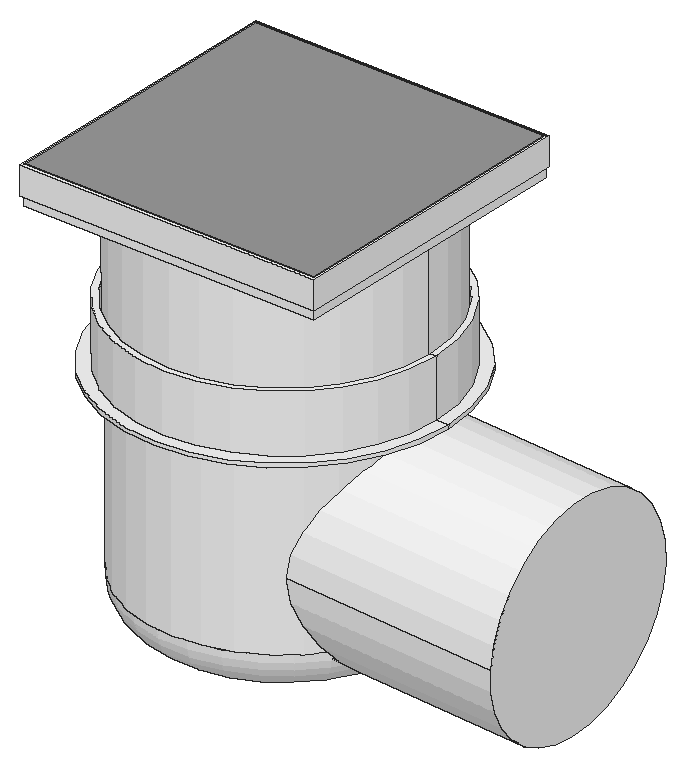
Revit family "HL_RU_Basement drain_HL72N-A-171212", category Instalační zařizovací předměty, Revit 2021
Family settings
  Kóta kulaté spojky = Použít průměr
  Typ dílu = Normální
  Číslo OmniClass = 23.70.50.21.24.14
  Nadpis OmniClass = Deck Waste Water Drains
  Založené na pracovní rovině = Ne
  Vždy vertikální = Ano
  Ořezat dutým tvarem při načtení = Ne
  Sdílené = Ano
  Bod výpočtu místnosti = Ano
Parameters (values of type "HL_Трап для подвалов_HL72N")
  РЕШЁТКА = "138x138 mm/ V2A"
  РАЗМЕР = "DN110"
  ПРОПУСКНАЯ СПОСОБНОСТЬ [instance] = 0.0 L/s
  ПРОИЗВОДИТЕЛЬНОСТЬ = "1,67 l/s"
  ПРАВОВАЯ ИНФОРМАЦИЯ = "\"Авторские права(©), права на дизайн или какие либо другие права интелектуальной собственности являются исключительной собственностью компании HL Hutterer & Lechner. Изменению не подлежит. Файл семейства с данными о прозводителе изделия защищен паролем с водяным знаком.\""
  ПАДЕНИЕ ДАВЛЕНИЯ [instance] = 0.0 Pa
  НОМИНАЛЬНЫЙ ДИАМЕТР = 110 mm
  НАСАДКА = "48-95 mm/ 148x148 mm"
  МАТЕРИАЛ = "PP"
  МАКСИМАЛЬНАЯ НАГРУЗКА КЛАССА = "K3 - 300 kg"
  ВЫСОТА МОНТАЖА = "160 mm"
  ВЕС = "0,873 kg"
  Výchozí výška = 0 mm
  Přípoj ventilace = no
  Výrobce = "HL Hutterer & Lechner GmbH"
  URL = "http://www.hutterer-lechner.com/ru/products/catalog/roof-drains/HL72N.aspx"
  Přípoj odpadních dílů = yes
  Přípoj HW = no
  Popis = "Трап для подвалов"
  Model = "HL72N"
  Komentáře k typům = "Трап для подвалов DN110 горизонтальный 148х148мм/138х138мм"
  Keynote = "HL72N"
  Высота монтажа [instance] = 95 mm
  Přípoj CW = no
  EAN = "9003076999729"
  D1 [instance] = 147.7 mm
  D [instance] = Высота монтажа + 56.6 mm  # 151.6 mm
  C [instance] = Высота монтажа + 56.6 mm  # 151.6 mm
  B [instance] = Высота монтажа + 64 mm  # 159 mm
  A [instance] = if(B - 100 mm > 15 mm, B - 100 mm, 15 mm)  # 59 mm
Reference planes
  plane 1 "Center (Front/Back)": y = 0
  plane 2: z = 0
  plane 3 "Center (Left/Right)": x = 0
  plane 4 "Ball Joint Vertical": x = 25.45
  plane 5: z = -95
  plane 6: z = -159
Lines and regions (mm)
  model lines, style "InvisibleLines"
    curve 1: line (0, 0, 0) -> (0, 0, 560)
  reference lines
    curve 2: line (117.7, 0, -159) -> (147.7, 0, -159)
  model lines, detail levels coarse+medium
    curve 3: line (0, 0, -159) -> (0, 0, -100)
    curve 4: line (0, 0, -100) -> (100, 0, 0)
    curve 5: line (0, 0, -100) -> (-100, 0, 0)
    curve 6: line (0, 0, -159) -> (147.7, 0, -159)
  symbolic lines, style "PlumbingFixtures", detail levels coarse+medium
    curve 7: line (-75, 75, 0) -> (75, 75, 0)
    curve 8: line (-75, -75, 0) -> (-75, 75, 0)
    curve 9: line (75, -75, 0) -> (-75, -75, 0)
    curve 10: line (75, 75, 0) -> (75, -75, 0)
    curve 11: line (-75, 75, 0) -> (-145.711, 145.711, 0)
    curve 12: line (75, 75, 0) -> (145.711, 145.711, 0)
    curve 13: line (-75, -75, 0) -> (-145.711, -145.711, 0)
    curve 14: line (75, -75, 0) -> (145.711, -145.711, 0)
  symbolic lines, style "PlumbingFixtures", not visible, detail levels coarse+medium
    curve 15: line (-75, 75, 0) -> (75, 75, 0)
    curve 16: line (-75, -75, 0) -> (-75, 75, 0)
    curve 17: line (75, -75, 0) -> (-75, -75, 0)
    curve 18: line (75, 75, 0) -> (75, -75, 0)
    curve 19: line (-75, 75, 0) -> (-145.711, 145.711, 0)
    curve 20: line (75, 75, 0) -> (145.711, 145.711, 0)
    curve 21: line (-75, -75, 0) -> (-145.711, -145.711, 0)
    curve 22: line (75, -75, 0) -> (145.711, -145.711, 0)
Text (mm)
  text "FLOOR" at (-198.233, 0, -26.556), in view "вид строительства"
Dimensions and locks
  locked: plane 4 "Ball Joint Vertical" to plane 3 "Center (Left/Right)" at 25.45
  "Высота монтажа": plane 2 to plane 5
  "A": curve 5 to plane 6
  "B": curve 5 to plane 6
  "B": curve 4 to plane 6
  "B": plane 2 to plane 6
  "B": plane 2 to curve 6
  "D1": curve 2 to plane 3 "Center (Left/Right)"
  "D1": curve 6 to plane 3 "Center (Left/Right)"
  locked: curve 4 to plane 3 "Center (Left/Right)" (angle 45.00°)
  locked: plane 3 "Center (Left/Right)" to curve 5 (angle 45.00°)
  aligned and locked: level to plane 2
  aligned and locked: plane 2 to curve 1
  aligned and locked: plane 3 "Center (Left/Right)" to curve 1
  aligned and locked: plane 3 "Center (Left/Right)" to curve 5
  aligned and locked: curve 2 to plane 6
  aligned and locked: plane 3 "Center (Left/Right)" to nested 1
  aligned and locked: nested 1 to plane 5
  aligned and locked: plane 3 "Center (Left/Right)" to nested 2
  aligned and locked: plane 2 to nested 2
Automatic sketch dimensions
  level to curve 1 = 560 mm
  curve 2 to curve 2 = 30 mm
Nested families
  nested 1: "HL-Трап для подвалов-HL72" at (0, 0, -66), type "HL-Трап для подвалов-HL72"
  nested 2: "HL-Насадка-HL66.9" at (0, 0, 0), Bысота монтажа <- "Высота монтажа", type "HL-Насадка-HL66.9"
    with L -90 mm, IHmin 12 mm, IHmax 90 mm, Bысота монтажа 95 mm
Connectors
  piping at (147.7, 0, -159), diameter 110, driven by "НОМИНАЛЬНЫЙ ДИАМЕТР", driven by "ПРОПУСКНАЯ СПОСОБНОСТЬ"
    settings: on curve 2, index 1, connector inside diameter 609.6 mm, connector length 0 mm, flow factor 0, pipe flow 0.0 L/s, pressure drop 0.0 Pa, fitting loss kfactor 0, connector angle 0.00°, fixture units 0, engagement length 0 mm, angle of deflection 0.00°, flow configuration 1, flow direction 2, fitting loss method 0, system type 16, joint type 0, gender type 0, connector reference index -1, connector utility 0, adjustable connector yes, is connector primary yes, connector description ""
Definition of nested family "HL-Трап для подвалов-HL72"
  Parameters (values of type "HL-Трап для подвалов-HL72")
    Manufacturer = ""
    Default Elevation = 0 mm
    URL = ""
    Description = ""
    Model = ""
    Type Comments = ""
    Cost = 0
  Reference planes
    plane 1 "Střed (vpředu/vzadu)": y = 0
    plane 2: z = 0
    plane 3 "Střed (vlevo/vpravo)": x = 0
  Forms (mm)
    Revolve 1, solid, detail levels fine
      sketch origin (0, 0, 0) x (1, 0, 0) y (0, 0, 1)
        loop
          line (-82.5, -29) -> (-82.5, -31) -> (-70.991, -31) -> (-70.991, -122.009)
          arc (-70.991, -122.009) -> (-64.843, -136.852) -> (-50, -143) r 20.991
          line (-50, -143) -> (0, -143) -> (0, -25) -> (-73.559, -25) -> (-73.559, 0) -> (-76.522, 0) -> (-76.522, -29) -> (-82.5, -29)
        axis (0, 0) -> (0, -143)
      angle from 0 to 360
    Sweep 2, solid, detail levels fine
      path origin (0, 0, 2.846) x (1, 0, 0) y (0, 0, 1)
        loop
          line (150.529, -40.92) -> (35.687, -34.901)
      profile origin (93.108, 0, -35.065) x (-0.052336, 0, -0.99863) y (0, -1, 0)
        loop
          circle (55, 0) r 55
  Dimensions and locks
    aligned and locked: level to plane 2
Definition of nested family "HL-Насадка-HL66.9"
  Parameters
    РЕШЁТКА = "Edelstahl 138x138mm"
    РАЗМЕР = "d 145 mm"
    ПРАВОВАЯ ИНФОРМАЦИЯ = "Авторские права(©), права на дизайн или какие либо другие права интелектуальной собственности являются исключительной собственностью компании HL Hutterer & Lechner. Изменению не подлежит. Файл семейства с данными о прозводителе изделия защищен паролем с водяным знаком."
    НАСАДКА = "147x147mm"
    МАТЕРИАЛ = "PP"
    МАКСИМАЛЬНАЯ НАГРУЗКА КЛАССА = "K - 300 kg"
    ВЫСОТА МОНТАЖА = "12-65mm"
    Материал плитка = none
    ВЕС = "0,345 [kg]"
    Default Elevation = 0 mm
    L [instance] = -if(Bысота монтажа - 5 mm < IHmin, 19 mm, if(Bысота монтажа - 5 mm > IHmax, 19 mm, Bысота монтажа - 5 mm))  # -90 mm
    Manufacturer = "HL Hutterer & Lechner GmbH"
    URL = "http://www.hutterer-lechner.com/ru/products/catalog/roof-drains/HL66.9.aspx"
    Description = "Кровельные воронки"
    Model = "HL66.9"
    Type Comments = "HL66.9, Насадка d 145мм с бороздками/147х147мм/138х138мм"
    Keynote = "HL66.9"
    Bысота монтажа [instance] = 95 mm
    IHmin [instance] = 12 mm
    IHmax [instance] = 90 mm
    EAN = "9003076014606"
    Cost = 0
  Reference planes
    plane 1 "Střed (vpředu/vzadu)": y = 0
    plane 2: z = 0
    plane 3 "Střed (vlevo/vpravo)": x = 0
  Forms (mm)
    Extrusion 1, solid, detail levels fine
      sketch origin (-1.537, 0, -14.6) x (0, 1, 0) y (-1, 0, 0)
        loop
          line (74, 72.459) -> (-74, 72.459) -> (-74, -75.537) -> (74, -75.537) -> (74, 72.459)
        loop
          line (73, 71.463) -> (-73, 71.463) -> (-73, -74.537) -> (73, -74.537) -> (73, 71.463)
      from 0.6 to 14.6
    Extrusion 2, solid, detail levels fine
      sketch origin (-1.537, 0, -14) x (-1, 0, 0) y (0, 1, 0)
        loop
          line (71.463, 73) -> (-74.537, 73) -> (-74.537, -73) -> (71.463, -73) -> (71.463, 73)
        loop
          circle (-1.537, 0) r 72.5
      from 0 to 5
    Extrusion 3, solid, detail levels fine
      sketch origin (-1.537, 0, -14) x (-1, 0, 0) y (0, -1, 0)
        loop
          line (70.95, -72.397) -> (70.95, 72.463) -> (-74.05, 72.463) -> (-74.05, -72.397) -> (70.95, -72.397)
      from 0 to 14
    Extrusion 4, solid, detail levels fine
      sketch origin (0, 0, 0) x (1, 0, 0) y (0, 1, 0)
        loop
          circle (0, 0) r 72.5
      from -19 to -90 <- "L"
  Lines and regions (mm)
    model lines, detail levels fine
      curve 1: line (36.25, 24.325, 0) -> (36.25, -24.42, 0)
      curve 2: line (43.75, -24.42, 0) -> (43.75, 24.325, 0)
      curve 3: line (52.25, 40.306, 0) -> (52.25, -40.355, 0)
      curve 4: line (59.75, -40.355, 0) -> (59.75, 40.306, 0)
      curve 5: line (20.25, 8.588, 0) -> (20.25, -8.684, 0)
      curve 6: line (27.75, -8.684, 0) -> (27.75, 8.588, 0)
      curve 7: arc (27.75, 8.588, 0) -> (24, 12.338, 0) -> (20.25, 8.588, 0) r 3.75
      curve 8: arc (20.25, -8.684, 0) -> (24, -12.434, 0) -> (27.75, -8.684, 0) r 3.75
      curve 9: arc (36.25, -24.42, 0) -> (40, -28.17, 0) -> (43.75, -24.42, 0) r 3.75
      curve 10: arc (43.75, 24.325, 0) -> (40, 28.075, 0) -> (36.25, 24.325, 0) r 3.75
      curve 11: arc (59.75, 40.306, 0) -> (56, 44.056, 0) -> (52.25, 40.306, 0) r 3.75
      curve 12: arc (52.25, -40.355, 0) -> (56, -44.105, 0) -> (59.75, -40.355, 0) r 3.75
      curve 13: line (-24.325, -36.25, 0) -> (24.42, -36.25, 0)
      curve 14: line (24.42, -43.75, 0) -> (-24.325, -43.75, 0)
      curve 15: line (-40.306, -52.25, 0) -> (40.355, -52.25, 0)
      curve 16: line (40.355, -59.75, 0) -> (-40.306, -59.75, 0)
      curve 17: line (-8.588, -20.25, 0) -> (8.684, -20.25, 0)
      curve 18: line (8.684, -27.75, 0) -> (-8.588, -27.75, 0)
      curve 19: arc (-8.588, -27.75, 0) -> (-12.338, -24, 0) -> (-8.588, -20.25, 0) r 3.75
      curve 20: arc (8.684, -20.25, 0) -> (12.434, -24, 0) -> (8.684, -27.75, 0) r 3.75
      curve 21: arc (24.42, -36.25, 0) -> (28.17, -40, 0) -> (24.42, -43.75, 0) r 3.75
      curve 22: arc (-24.325, -43.75, 0) -> (-28.075, -40, 0) -> (-24.325, -36.25, 0) r 3.75
      curve 23: arc (-40.306, -59.75, 0) -> (-44.056, -56, 0) -> (-40.306, -52.25, 0) r 3.75
      curve 24: arc (40.355, -52.25, 0) -> (44.105, -56, 0) -> (40.355, -59.75, 0) r 3.75
      curve 25: line (36.25, -24.42, 0) -> (36.25, 24.325, 0)
      curve 26: line (43.75, 24.325, 0) -> (43.75, -24.42, 0)
      curve 27: line (52.25, -40.355, 0) -> (52.25, 40.306, 0)
      curve 28: line (59.75, 40.306, 0) -> (59.75, -40.355, 0)
      curve 29: line (20.25, -8.684, 0) -> (20.25, 8.588, 0)
      curve 30: line (27.75, 8.588, 0) -> (27.75, -8.684, 0)
      curve 31: arc (27.75, -8.588, 0) -> (24, -12.338, 0) -> (20.25, -8.588, 0) r 3.75
      curve 32: arc (20.25, 8.684, 0) -> (24, 12.434, 0) -> (27.75, 8.684, 0) r 3.75
      curve 33: arc (36.25, 24.42, 0) -> (40, 28.17, 0) -> (43.75, 24.42, 0) r 3.75
      curve 34: arc (43.75, -24.325, 0) -> (40, -28.075, 0) -> (36.25, -24.325, 0) r 3.75
      curve 35: arc (59.75, -40.306, 0) -> (56, -44.056, 0) -> (52.25, -40.306, 0) r 3.75
      curve 36: arc (52.25, 40.355, 0) -> (56, 44.105, 0) -> (59.75, 40.355, 0) r 3.75
      curve 37: line (24.42, -36.25, 0) -> (-24.325, -36.25, 0)
      curve 38: line (-24.325, -43.75, 0) -> (24.42, -43.75, 0)
      curve 39: line (40.355, -52.25, 0) -> (-40.306, -52.25, 0)
      curve 40: line (-40.306, -59.75, 0) -> (40.355, -59.75, 0)
      curve 41: line (8.684, -20.25, 0) -> (-8.588, -20.25, 0)
      curve 42: line (-8.588, -27.75, 0) -> (8.684, -27.75, 0)
      curve 43: arc (8.588, -27.75, 0) -> (12.338, -24, 0) -> (8.588, -20.25, 0) r 3.75
      curve 44: arc (-8.684, -20.25, 0) -> (-12.434, -24, 0) -> (-8.684, -27.75, 0) r 3.75
      curve 45: arc (-24.42, -36.25, 0) -> (-28.17, -40, 0) -> (-24.42, -43.75, 0) r 3.75
      curve 46: arc (24.325, -43.75, 0) -> (28.075, -40, 0) -> (24.325, -36.25, 0) r 3.75
      curve 47: arc (40.306, -59.75, 0) -> (44.056, -56, 0) -> (40.306, -52.25, 0) r 3.75
      curve 48: arc (-40.355, -52.25, 0) -> (-44.105, -56, 0) -> (-40.355, -59.75, 0) r 3.75
      curve 49: line (-36.25, 24.325, 0) -> (-36.25, -24.325, 0)
      curve 50: line (-43.75, -24.325, 0) -> (-43.75, 24.325, 0)
      curve 51: line (-52.25, 40.306, 0) -> (-52.25, -40.306, 0)
      curve 52: line (-59.75, -40.306, 0) -> (-59.75, 40.306, 0)
      curve 53: line (-20.25, 8.588, 0) -> (-20.25, -8.588, 0)
      curve 54: line (-27.75, -8.684, 0) -> (-27.75, 8.588, 0)
      curve 55: arc (-27.75, 8.588, 0) -> (-24, 12.338, 0) -> (-20.25, 8.588, 0) r 3.75
      curve 56: arc (-20.25, -8.684, 0) -> (-24, -12.434, 0) -> (-27.75, -8.684, 0) r 3.75
      curve 57: arc (-43.75, 24.325, 0) -> (-40, 28.075, 0) -> (-36.25, 24.325, 0) r 3.75
      curve 58: arc (-59.75, 40.306, 0) -> (-56, 44.056, 0) -> (-52.25, 40.306, 0) r 3.75
      curve 59: line (-36.25, -24.325, 0) -> (-36.25, 24.325, 0)
      curve 60: line (-43.75, 24.325, 0) -> (-43.75, -24.325, 0)
      curve 61: line (-52.25, -40.306, 0) -> (-52.25, 40.306, 0)
      curve 62: line (-59.75, 40.306, 0) -> (-59.75, -40.306, 0)
      curve 63: line (-20.25, -8.588, 0) -> (-20.25, 8.588, 0)
      curve 64: line (-27.75, 8.588, 0) -> (-27.75, -8.684, 0)
      curve 65: arc (-27.75, -8.588, 0) -> (-24, -12.338, 0) -> (-20.25, -8.588, 0) r 3.75
      curve 66: arc (-20.25, 8.684, 0) -> (-24, 12.434, 0) -> (-27.75, 8.684, 0) r 3.75
      curve 67: arc (-36.25, 24.42, 0) -> (-40, 28.17, 0) -> (-43.75, 24.42, 0) r 3.75
      curve 68: arc (-43.75, -24.325, 0) -> (-40, -28.075, 0) -> (-36.25, -24.325, 0) r 3.75
      curve 69: arc (-59.75, -40.306, 0) -> (-56, -44.056, 0) -> (-52.25, -40.306, 0) r 3.75
      curve 70: arc (-52.25, 40.355, 0) -> (-56, 44.105, 0) -> (-59.75, 40.355, 0) r 3.75
      curve 71: line (-24.42, 36.25, 0) -> (24.325, 36.25, 0)
      curve 72: line (24.42, 43.75, 0) -> (-24.42, 43.75, 0)
      curve 73: line (-40.355, 52.25, 0) -> (40.306, 52.25, 0)
      curve 74: line (40.306, 59.75, 0) -> (-40.355, 59.75, 0)
      curve 75: line (-8.588, 20.25, 0) -> (8.588, 20.25, 0)
      curve 76: line (8.684, 27.75, 0) -> (-8.588, 27.75, 0)
      curve 77: arc (-8.588, 27.75, 0) -> (-12.338, 24, 0) -> (-8.588, 20.25, 0) r 3.75
      curve 78: arc (8.684, 20.25, 0) -> (12.434, 24, 0) -> (8.684, 27.75, 0) r 3.75
      curve 79: arc (24.42, 36.25, 0) -> (28.17, 40, 0) -> (24.42, 43.75, 0) r 3.75
      curve 80: line (24.325, 36.25, 0) -> (-24.42, 36.25, 0)
      curve 81: line (-24.42, 43.75, 0) -> (24.42, 43.75, 0)
      curve 82: line (40.306, 52.25, 0) -> (-40.355, 52.25, 0)
      curve 83: line (-40.355, 59.75, 0) -> (40.306, 59.75, 0)
      curve 84: line (8.588, 20.25, 0) -> (-8.588, 20.25, 0)
      curve 85: line (-8.588, 27.75, 0) -> (8.684, 27.75, 0)
      curve 86: arc (8.588, 27.75, 0) -> (12.338, 24, 0) -> (8.588, 20.25, 0) r 3.75
      curve 87: arc (-8.684, 20.25, 0) -> (-12.434, 24, 0) -> (-8.684, 27.75, 0) r 3.75
      curve 88: arc (-24.42, 36.25, 0) -> (-28.17, 40, 0) -> (-24.42, 43.75, 0) r 3.75
      curve 89: arc (24.325, 43.75, 0) -> (28.075, 40, 0) -> (24.325, 36.25, 0) r 3.75
      curve 90: arc (40.306, 59.75, 0) -> (44.056, 56, 0) -> (40.306, 52.25, 0) r 3.75
      curve 91: arc (-40.355, 52.25, 0) -> (-44.105, 56, 0) -> (-40.355, 59.75, 0) r 3.75
  Dimensions and locks
    Extrusion 1 sketch curve to Extrusion 1 sketch curve = 147.996 mm
    Extrusion 1 sketch curve to Extrusion 1 sketch curve = 148 mm
    aligned and locked: level to plane 2
    aligned and locked: Extrusion 4 to Extrusion 2
